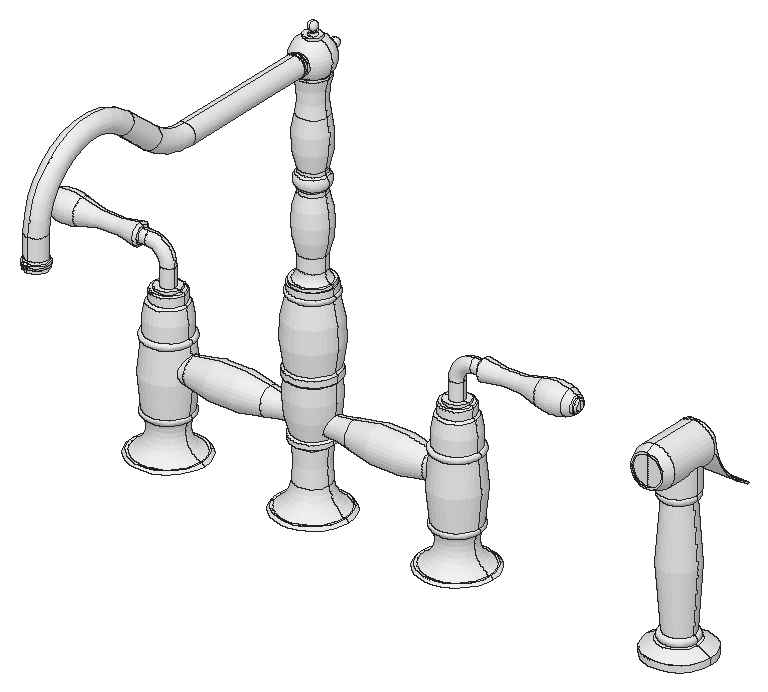
Revit family "Faucet_Kitchen-DXV-Victorian-D35402250_Series", category Plumbing Fixtures, Revit 2019 (continued)
Automatic sketch dimensions
  curve 31 to curve 28 = 0.00795"
  curve 31 to curve 33 = 0.00838"
  curve 33 to curve 27 = 0.00195"
  curve 28 to curve 32 = 0.02467"
  curve 44 to plane 3 "Center (Left/Right)" = 0.23069"
  curve 49 to plane 3 "Center (Left/Right)" = 0.09368"
  curve 49 to curve 45 = 0.00122"
  curve 49 to curve 46 = 0.038"
  curve 49 to curve 50 = 0.00049"
  curve 57 to plane 3 "Center (Left/Right)" = 0.02302"
  plane 3 "Center (Left/Right)" to curve 48 = 0.02302"
  curve 61 to curve 61 = 0.03217"
  curve 61 to curve 46 = 0.00049"
  curve 60 to curve 59 = 0.03678"
  curve 59 to curve 60 = 0.00122"
  curve 59 to curve 127 = 0.13823"
  plane 3 "Center (Left/Right)" to curve 37 = 0.25289"
  curve 37 to curve 38 = 0.02425"
  curve 37 to curve 28 = 0.02467"
  curve 37 to curve 30 = 0.02467"
  curve 41 to curve 36 = 0.00838"
  curve 43 to curve 70 = 0.46644"
  curve 36 to curve 72 = 0.41161"
  curve 40 to curve 71 = 0.7731"
  curve 70 to curve 73 = 0.35354"
  curve 91 to plane 13 = 1.21762"
  curve 95 to plane 13 = 1.21762"
  curve 90 to plane 13 = 0.64724"
  curve 94 to plane 13 = 0.64724"
  curve 102 to plane 1 "Center (Front/Back)" = 0.22094"
  plane 13 to curve 102 = 0.70634"
  curve 103 to curve 128 = 0.06446"
  plane 13 to curve 79 = 1.22238"
  plane 13 to curve 104 = 1.22238"
  curve 120 to plane 10 = 0.55082"
  curve 114 to plane 10 = 0.22857"
  curve 115 to plane 10 = 0.04423"
  plane 10 to curve 118 = 0.04423"
  curve 117 to curve 124 = 0.5066"
  plane 1 "Center (Front/Back)" to curve 104 = 1.83273"
  curve 109 to curve 107 = 1.6118"
  plane 1 "Center (Front/Back)" to curve 71 = 1.42333"
  plane 1 "Center (Front/Back)" to curve 65 = 1.42333"
  plane 1 "Center (Front/Back)" to curve 91 = 1.28804"
  plane 1 "Center (Front/Back)" to curve 16 = 1.28804"
  plane 1 "Center (Front/Back)" to curve 39 = 0.62743"
  curve 30 to curve 29 = 0.03463"
  curve 37 to curve 37 = 0.02431"
  plane 1 "Center (Front/Back)" to curve 94 = 0.56585"
  plane 1 "Center (Front/Back)" to curve 19 = 0.56585"
  curve 36 to curve 36 = 0.02037"
  curve 31 to curve 31 = 0.02037"
  curve 31 to curve 27 = 0.01907"
  curve 27 to curve 38 = 0.00107"
  curve 36 to curve 72 = 0.03998"
  curve 31 to curve 66 = 0.03998"
  curve 31 to curve 33 = 0.03929"
  plane 1 "Center (Front/Back)" to curve 105 = 0.2854"
  curve 108 to curve 107 = 0.06446"
  curve 105 to curve 103 = 0.06446"
  curve 82 to curve 80 = 0.18079"
  plane 1 "Center (Front/Back)" to curve 7 = 0.18079"
  curve 6 to curve 106 = 0.04015"
  curve 106 to curve 108 = 0.06446"
  curve 102 to curve 102 = 0.06446"
  curve 64 to curve 52 = 0.04274"
  curve 70 to curve 41 = 0.04274"
  curve 44 to curve 52 = 0.03576"
  curve 120 to plane 1 "Center (Front/Back)" = 0.51936"
  curve 41 to curve 127 = 0.00942"
  curve 52 to curve 44 = 0.00942"
  curve 121 to curve 118 = 0.04492"
  curve 90 to plane 1 "Center (Front/Back)" = 0.56585"
  curve 15 to plane 1 "Center (Front/Back)" = 0.56585"
  curve 59 to curve 60 = 0.03801"
  curve 50 to curve 57 = 0.02505"
  curve 61 to curve 48 = 0.02505"
  curve 115 to curve 114 = 0.03636"
  curve 50 to curve 47 = 0.05646"
  curve 47 to curve 58 = 0.08987"
  curve 15 to curve 20 = 0.72219"
  curve 90 to curve 95 = 0.72219"
  curve 70 to curve 73 = 0.9395"
  curve 64 to curve 67 = 0.9395"
  curve 79 to curve 79 = 1.54734"
  curve 106 to curve 4 = 1.54734"
  curve 11 to plane 12 = 0.27716"
  curve 8 to curve 11 = 0.12385"
  curve 12 to curve 8 = 0.06516"
  curve 9 to curve 12 = 0.07455"
  curve 7 to curve 13 = 0.05793"
  curve 6 to curve 18 = 0.05793"
  curve 21 to curve 108 = 0.05345"
  curve 14 to curve 4 = 0.05509"
  curve 17 to curve 14 = 0.06505"
  curve 10 to curve 21 = 0.06669"
  curve 4 to curve 17 = 0.08221"
  curve 109 to curve 10 = 0.08221"
  plane 8 to curve 3 = 0.09742"
  curve 2 to curve 3 = 0.02385"
  plane 8 to curve 1 = 0.03242"
  curve 15 to curve 15 = 0.08778"
  curve 13 to curve 19 = 0.08778"
  curve 13 to curve 20 = 0.15741"
  curve 18 to curve 16 = 0.15741"
  curve 21 to curve 10 = 0.05741"
  curve 10 to curve 20 = 0.0627"
  curve 17 to curve 16 = 0.0627"
  curve 67 to curve 66 = 0.23275"
  curve 65 to curve 64 = 0.23275"
  curve 65 to curve 75 = 0.06198"
  curve 67 to curve 68 = 0.06198"
  curve 75 to curve 74 = 0.05325"
  curve 68 to curve 69 = 0.05325"
  curve 74 to curve 65 = 0.07119"
  curve 69 to curve 67 = 0.07119"
  curve 64 to curve 64 = 0.07108"
  curve 67 to curve 66 = 0.07108"
  curve 54 to curve 28 = 0.00785"
  curve 97 to plane 6 = 0.10179"
  curve 97 to plane 3 "Center (Left/Right)" = 0.27803"
  curve 98 to plane 6 = 0.00066"
  curve 100 to curve 98 = 0.00047"
  curve 26 to curve 51 = 0.00615"
  curve 44 to curve 53 = 0.02284"
  curve 55 to plane 3 "Center (Left/Right)" = 0.09095"
  curve 60 to curve 56 = 0.00193"
  plane 3 "Center (Left/Right)" to curve 42 = 0.09095"
  curve 56 to curve 59 = 0.02284"
  curve 24 to curve 43 = 0.01166"
  curve 98 to plane 6 = 0.00513"
  curve 98 to curve 99 = 0.00051"
  curve 36 to curve 25 = 0.00785"
  curve 70 to curve 70 = 0.02476"
  curve 72 to curve 72 = 0.02476"
  curve 72 to curve 73 = 0.07108"
  curve 70 to curve 71 = 0.07108"
  curve 72 to curve 62 = 0.07119"
  curve 62 to curve 63 = 0.05325"
  curve 63 to curve 73 = 0.06198"
  curve 75 to curve 71 = 0.06198"
  curve 91 to curve 90 = 0.25215"
  curve 95 to curve 94 = 0.25215"
  curve 95 to curve 85 = 0.0627"
  curve 91 to curve 92 = 0.0627"
  curve 92 to curve 89 = 0.05741"
  curve 85 to curve 96 = 0.05741"
  curve 96 to curve 95 = 0.06239"
  curve 89 to curve 91 = 0.06239"
  curve 90 to curve 90 = 0.15741"
  curve 94 to curve 94 = 0.15741"
  curve 80 to curve 86 = 0.27716"
  curve 86 to curve 83 = 0.12385"
  curve 83 to curve 87 = 0.06516"
  curve 87 to curve 84 = 0.07455"
  curve 88 to curve 82 = 0.05793"
  curve 93 to curve 81 = 0.05793"
  curve 104 to curve 96 = 0.05345"
  curve 92 to curve 79 = 0.08221"
  curve 85 to curve 104 = 0.08221"
  curve 78 to plane 7 = 0.09742"
  curve 78 to curve 77 = 0.02385"
  curve 76 to plane 7 = 0.03242"
  curve 125 to curve 123 = 0"
  curve 120 to curve 112 = 0.00042"
  curve 120 to curve 122 = 0.041"
  curve 111 to plane 10 = 0.50982"
  curve 125 to curve 126 = 0.10483"
  curve 112 to curve 115 = 0.01801"
  curve 115 to curve 116 = 0.0211"
  curve 112 to plane 10 = 0.00864"
  plane 10 to curve 113 = 0.00479"
  curve 117 to curve 119 = 0.14524"
  curve 119 to curve 118 = 0.0211"
  curve 118 to curve 114 = 0.01487"
  curve 126 to curve 124 = 0.10483"
  curve 121 to curve 120 = 0.0382"
  plane 10 to curve 111 = 0.51262"
  curve 113 to curve 113 = 0.03699"
  curve 125 to curve 124 = 0"
  curve 101 to plane 6 = 0.00226"
  curve 98 to curve 100 = 0.00161"
  curve 97 to curve 99 = 0.07757"
  curve 99 to curve 100 = 0.01684"
  curve 99 to curve 101 = 0.01684"
  plane 1 "Center (Front/Back)" to curve 126 = 1 13/128"
  curve 40 to curve 30 = 0.31089"
  curve 35 to curve 30 = 0.31089"
  curve 40 to curve 63 = 0.06431"
  curve 126 to curve 125 = 0.27309"
  curve 125 to curve 124 = 0.14526"
  curve 125 to curve 123 = 0.15975"
  plane 1 "Center (Front/Back)" to curve 78 = 0.22552"
  plane 1 "Center (Front/Back)" to curve 3 = 0.22552"
  curve 78 to curve 77 = 0.03454"
  curve 3 to curve 2 = 0.03454"
  curve 2 to curve 1 = 0.02385"
  curve 77 to curve 76 = 0.02385"
  curve 1 to plane 1 "Center (Front/Back)" = 0.16713"
  curve 76 to plane 1 "Center (Front/Back)" = 0.16713"
  curve 76 to curve 77 = 0.02385"
  curve 1 to curve 2 = 0.02385"
  curve 77 to curve 78 = 0.03454"
  curve 2 to curve 3 = 0.03454"
  curve 119 to curve 114 = 0.07536"
  curve 116 to curve 115 = 0.07536"
  curve 122 to curve 112 = 0.10052"
  curve 121 to curve 113 = 0.10146"
  curve 112 to curve 122 = 0.05684"
  curve 113 to curve 121 = 0.06526"
  curve 122 to curve 111 = 1.0313"
  Revolve 2 sketch curve to plane 1 "Center (Front/Back)" = 0"  (x2)
  plane 1 "Center (Front/Back)" to Revolve 2 sketch curve = 0.04201"
  Revolve 2 sketch curve to Revolve 2 sketch curve = 0.03119"
  Revolve 2 sketch curve to Revolve 2 sketch curve = 0.03529"
  Revolve 2 sketch curve to Revolve 2 sketch curve = 0.12219"
  plane 11 to Revolve 2 sketch curve = 1/128"
  Revolve 2 sketch curve to Revolve 2 sketch curve = 0.08941"
  Revolve 2 sketch curve to Revolve 2 sketch curve = 0.03333"
  Revolve 2 sketch curve to Revolve 2 sketch curve = 0.03714"
  Revolve 2 sketch curve to Revolve 2 sketch curve = 0.0376"
  Revolve 2 sketch curve to Revolve 2 sketch curve = 0.10248"
  Revolve 2 sketch curve to plane 11 = 0.07952"
  Revolve 2 sketch curve to Revolve 2 sketch curve = 0.01463"
  Revolve 3 sketch curve to plane 11 = 0.2049"
  Revolve 3 sketch curve to Revolve 3 sketch curve = 0.11394"
  Revolve 3 sketch curve to Revolve 3 sketch curve = 0.04082"
  Revolve 3 sketch curve to Revolve 3 sketch curve = 0.03001"
  Revolve 3 sketch curve to Revolve 3 sketch curve = 0.11675"
  Revolve 3 sketch curve to plane 1 "Center (Front/Back)" = 0.44658"
  Revolve 3 sketch curve to Revolve 3 sketch curve = 0.08941"
  Revolve 3 sketch curve to Revolve 3 sketch curve = 0.03767"
  Revolve 3 sketch curve to Revolve 3 sketch curve = 0.03161"
  Revolve 3 sketch curve to Revolve 3 sketch curve = 0.0384"
  Revolve 3 sketch curve to Revolve 3 sketch curve = 0.10286"
  Revolve 3 sketch curve to Revolve 3 sketch curve = 0.04592"
  Revolve 3 sketch curve to Revolve 3 sketch curve = 0.08733"
  Revolve 3 sketch curve to Revolve 3 sketch curve = 0.01501"
  radius of Sweep 10 sketch curve = 0.18079"
  radius of Sweep 11 sketch curve = 0.18079"
  radius of Sweep 15 sketch curve = 0.27756"
  radius of curve 22 = 0.09412"
  radius of curve 23 = 0.23069"
Connectors (in)
  piping at (-4.03125, 0, 0), diameter 0.5, driven by "Hot Water Connection Diameter"
    settings: on cut or joined group of Revolve 2, Revolve 3, Revolve 4, Revolve 5, Revolve 6, Revolve 7, Revolve 9, Sweep 10, Sweep 11, index 1, connector inside diameter 24", connector length 0", flow factor 0, pipe flow 0 GPM, pressure drop 0.00 psi, fitting loss kfactor 0, connector angle 0.00°, fixture units 0, engagement length 0", angle of deflection 0.00°, flow configuration 0, flow direction 0, fitting loss method 0, system type 7, joint type 0, gender type 0, connector reference index -1, connector utility 0, adjustable connector no, is connector primary yes, connector description "1/2\" HW Inlet Connection"
  piping at (3.90625, 0, 0), diameter 0.5, driven by "Cold Water Connection Diameter"
    settings: on cut or joined group of Revolve 2, Revolve 3, Revolve 4, Revolve 5, Revolve 6, Revolve 7, Revolve 9, Sweep 10, Sweep 11, index 2, connector inside diameter 24", connector length 0", flow factor 0, pipe flow 0 GPM, pressure drop 0.00 psi, fitting loss kfactor 0, connector angle 0.00°, fixture units 0, engagement length 0", angle of deflection 0.00°, flow configuration 0, flow direction 0, fitting loss method 0, system type 7, joint type 0, gender type 0, connector reference index -1, connector utility 0, adjustable connector no, is connector primary no, connector description "1/2\" CW Inlet Connection"
  piping at (10, 0, 0), diameter 0.375, driven by "Side Spray Diameter"
    settings: on cut or joined group of Revolve 8, Revolve 12, Extrusion 14, index 3, connector inside diameter 24", connector length 0", flow factor 0, pipe flow 0 GPM, pressure drop 0.00 psi, fitting loss kfactor 0, connector angle 0.00°, fixture units 0, engagement length 0", angle of deflection 0.00°, flow configuration 0, flow direction 1, fitting loss method 0, system type 29, joint type 0, gender type 0, connector reference index -1, connector utility 0, adjustable connector no, is connector primary no, connector description "1/2\" Tempered Inlet Connection"
  piping at (-0.0625, 0, 0), diameter 0.5, driven by "Tempered Water Connection Diameter"
    settings: on Revolve 1, index 4, connector inside diameter 24", connector length 0", flow factor 0, pipe flow 0 GPM, pressure drop 0.00 psi, fitting loss kfactor 0, connector angle 0.00°, fixture units 0, engagement length 0", angle of deflection 0.00°, flow configuration 0, flow direction 1, fitting loss method 0, system type 29, joint type 0, gender type 0, connector reference index -1, connector utility 0, adjustable connector no, is connector primary no, connector description "1/2\" Tempered Inlet Connection"
Types (4): name | Model | Material | Finish
  (no name) | "D35402250.100" | "Brass-DXV-100-Polished Chrome" | Brass-DXV-100-Polished Chrome
  D35402250.110 | "D35402250.110" | "Brass-DXV-110-Carbon Bronze" | Brass-DXV-110-Carbon Bronze
  D35402250.100 | "D35402250.100" | "Brass-DXV-100-Polished Chrome" | Brass-DXV-100-Polished Chrome
  D35402250.355 | "D35402250.355" | "Brass-DXV-355-Ultra Steel" | Brass-DXV-355-Ultra Steel
